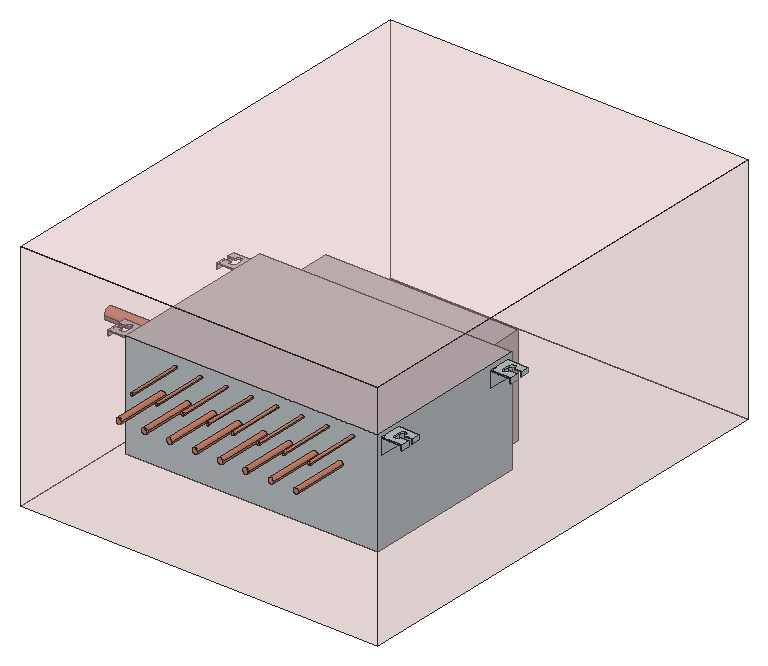
Revit family "CMB-M108V-J1(-TR)", category 機械設備, Revit 2016
Family settings
  ホスト = 天井
  パーツ タイプ = 標準
  丸型コネクタ寸法 = 半径を使用
  OmniClass 番号 = 23.75.00.00
  OmniClass タイトル = Climate Control (HVAC)
  常に垂直 = はい
  ロード時にボイドで切り取り = いいえ
  共有 = いいえ
  部屋の計算ポイント = いいえ
Parameters (values of type "CMB-M108V-J1(-TR)_240V_60Hz")
  説明 = "BC controller"
  製造元 = "Mitsubishi Electric Corporation"
  モデル = "CMB-M108V-J1(-TR)"
  Width = 596.00 mm
  WarrantyStart = ""
  Voltage = 240 V
  Unit Weight (kg) = 33
  URL = "http://www.mitsubishielectric.com/"
  TagNumber = 0
  Subcategory = "HVAC"
  Space View = yes
  Sound Pressure Level (Rated operation) (dB(A)) = "40"
  Sound Pressure Level (Defrost) (dB(A)) = 53
  Sound Power Level (Rated operation) (dB(A)) = "59"
  Sound Power Level (Defrost) (dB(A)) = 71
  SerialNumber = 0
  ReplacementYear = ""
  Phase = 1
  Number of branch = 8
  InstallationDate = ""
  Indoor unit capacity connectable to 1 branch = "Model P/M80 or smaller\r\n(Use optional joint pipe combining 2 branches when the total unit capacity exceeds P/M81.)"
  Hertz = 60 Hz
  Height = 250.00 mm
  Heating Power Input (kW) = 0.06
  Heating Current (A) = 0.25
  External Finish = "Galvanized steel plate\r\n(Lower part drain pan: Pre-coated galvanized sheets + powder coating)"
  Equip_description = ""
  Equip_No. = 0
  Equip_ID = ""
  Drain pipe_radius = 16.00 mm
  Description = ""
  Depth = 476.00 mm
  CreatedOn = ""
  CreatedBy = ""
  Cooling Power Input (kW) = 0.127
  Cooling Current (A) = 0.53
  Connection pipe of outdoor/heat source unit to P350 (Low pressure)_radius = 14.29 mm
  Connection pipe of outdoor/heat source unit to P350 (High pressure) radius = "9.525 or 11.1"
  Connection pipe of outdoor/heat source unit to P250/P300 (Low pressure)_radius = 11.10 mm
  Connection pipe of outdoor/heat source unit to P250/P300 (High pressure)_radius = 9.525 mm
  Connection pipe of outdoor/heat source unit to P200/M200 (Low pressure)_radius = 9.525 mm
  Connection pipe of outdoor/heat source unit to P200/M200 (High pressure)_radius = 7.94 mm
  Connection pipe of outdoor/heat source unit to M250/M300 (Low pressure)_radius = 11.10 mm
  Connection pipe of outdoor/heat source unit to M250/M300 (High pressure)_radius = 7.94 mm
  Connection pipe of indoor unit (Liquid Pipe)_radius (O.D.) = "Indoor unit Model 50 or smaller 3.175 Brazed\r\nbigger than 50 4.76 Brazed"
  Connection pipe of indoor unit (Gas Pipe)_radius (O.D.) = "Indoor unit Model 50 or smaller 6.35 Brazed\r\nbigger than 50 7.94 Brazed\r\n(9.525, 11.1 with optional joint pipe used.)"
  Connectable Outdoor/Heat source Unit Capacity = "P200 to P350/M200 to M300"
  Category = ""
  Barcode = ""
  AssetIdentifier = ""
Types (6, lengths in mm): name | Voltage | Hertz | Heating Power Input (kW) | Heating Current (A) | Cooling Power Input (kW) | Cooling Current (A)
  CMB-M108V-J1(-TR)_220V_50Hz | 220 V | 50 Hz | 0.06 | 0.28 | 0.127 | 0.58
  CMB-M108V-J1(-TR)_220V_60Hz | 220 V | 60 Hz | 0.048 | 0.22 | 0.102 | 0.47
  CMB-M108V-J1(-TR)_230V_50Hz | 230 V | 50 Hz | 0.068 | 0.3 | 0.144 | 0.63
  CMB-M108V-J1(-TR)_230V_60Hz | 230 V | 60 Hz | 0.054 | 0.24 | 0.115 | 0.5
  CMB-M108V-J1(-TR)_240V_50Hz | 240 V | 50 Hz | 0.076 | 0.32 | 0.161 | 0.68
  CMB-M108V-J1(-TR)_240V_60Hz | 240 V | 60 Hz | 0.06 | 0.25 | 0.127 | 0.53
Reference planes
  plane 1 "Center (Front/Back)": y = 0
  plane 2: z = 0
  plane 3 "Center (Left/Right)": x = 0
  plane 4 "Ceiling": z = 0
  plane 5: x = 18.001
  plane 6: x = -1461.999
  plane 7: y = 963.043
  plane 8: y = 1625.043
  plane 9: y = 1625.043
  plane 10: y = 1625.043
  plane 11: y = 225.043
  plane 12: y = -424.957
  plane 13: y = -271.474
  plane 14: y = 199
  plane 15: y = -199
  plane 16: x = -298
  plane 17: x = 298
  plane 18: z = 450.005
  plane 19: z = 200.005
Forms (mm)
  Extrusion 1, solid, material "Plated steel"
    sketch origin (-719.999, 26, 4152.985) x (-1, 0, 0) y (0, -1, 0)
      loop
        line (-1017.999, 225) -> (-1017.999, -173) -> (-421.999, -173) -> (-421.999, 225) -> (-1017.999, 225)
    from -3952.98 to -3702.98
  Extrusion 2, solid, material "Plated steel"
    sketch origin (609.8, 1.043, 4123.43) x (-1, 0, 0) y (0, 0, 1)
      loop
        line (813.903, -3678.196) -> (359.8, -3678.196) -> (359.8, -3913.425) -> (813.903, -3913.425) -> (813.903, -3678.196)
    from 197.957 to 275.957
  Extrusion 3, solid, material "Service space", visible <- "Space View"
    sketch origin (0.001, 0.043, 4120) x (1, 0, 0) y (0, 1, 0)
      loop
        line (297.999, -199.043) -> (297.999, 898.957) -> (-548.001, 898.957) -> (-548.001, -199.043) -> (297.999, -199.043)
    from -4120 to -3570
  Extrusion 4, solid, material "Copper"
    sketch origin (5463.716, -199, 4149.796) x (-1, 0, 0) y (0, 0, -1)
      loop
        circle (5643.716, 3724.791) r 3.175
    from 0 to 130
  Extrusion 5, solid, material "Copper"
    sketch origin (5523.716, -199, 4149.796) x (-1, 0, 0) y (0, 0, -1)
      loop
        circle (5643.716, 3724.791) r 3.175
    from 0 to 130
  Extrusion 6, solid, material "Copper"
    sketch origin (5583.716, -199, 4149.796) x (-1, 0, 0) y (0, 0, -1)
      loop
        circle (5643.716, 3724.791) r 3.175
    from 0 to 130
  Extrusion 7, solid, material "Copper"
    sketch origin (5643.716, -199, 4149.796) x (-1, 0, 0) y (0, 0, -1)
      loop
        circle (5643.716, 3724.791) r 3.175
    from 0 to 130
  Extrusion 8, solid, material "Copper"
    sketch origin (5703.716, -199, 4149.796) x (-1, 0, 0) y (0, 0, -1)
      loop
        circle (5643.716, 3724.791) r 3.175
    from 0 to 130
  Extrusion 9, solid, material "Copper"
    sketch origin (5763.716, -199, 4149.796) x (-1, 0, 0) y (0, 0, -1)
      loop
        circle (5643.716, 3724.791) r 3.175
    from 0 to 130
  Extrusion 10, solid, material "Copper"
    sketch origin (5823.716, -199, 4149.796) x (-1, 0, 0) y (0, 0, -1)
      loop
        circle (5643.716, 3724.791) r 3.175
    from 0 to 130
  Extrusion 11, solid, material "Copper"
    sketch origin (5883.716, -199, 4149.796) x (-1, 0, 0) y (0, 0, -1)
      loop
        circle (5643.716, 3724.791) r 3.175
    from 0 to 130
  Extrusion 12, solid, material "Copper"
    sketch origin (5463.716, -199, 4149.796) x (-1, 0, 0) y (0, 0, -1)
      loop
        circle (5673.716, 3792.791) r 6.35
    from 0 to 130
  Extrusion 13, solid, material "Copper"
    sketch origin (5523.716, -199, 4149.796) x (-1, 0, 0) y (0, 0, -1)
      loop
        circle (5673.716, 3792.791) r 6.35
    from 0 to 130
  Extrusion 14, solid, material "Copper"
    sketch origin (5583.716, -199, 4149.796) x (-1, 0, 0) y (0, 0, -1)
      loop
        circle (5673.716, 3792.791) r 6.35
    from 0 to 130
  Extrusion 15, solid, material "Copper"
    sketch origin (5643.716, -199, 4149.796) x (-1, 0, 0) y (0, 0, -1)
      loop
        circle (5673.716, 3792.791) r 6.35
    from 0 to 130
  Extrusion 16, solid, material "Copper"
    sketch origin (5703.716, -199, 4149.796) x (-1, 0, 0) y (0, 0, -1)
      loop
        circle (5673.716, 3792.791) r 6.35
    from 0 to 130
  Extrusion 17, solid, material "Copper"
    sketch origin (5763.716, -199, 4149.796) x (-1, 0, 0) y (0, 0, -1)
      loop
        circle (5673.716, 3792.791) r 6.35
    from 0 to 130
  Extrusion 18, solid, material "Copper"
    sketch origin (5823.716, -199, 4149.796) x (-1, 0, 0) y (0, 0, -1)
      loop
        circle (5673.716, 3792.791) r 6.35
    from 0 to 130
  Extrusion 19, solid, material "Copper"
    sketch origin (5883.716, -199, 4149.796) x (-1, 0, 0) y (0, 0, -1)
      loop
        circle (5673.716, 3792.791) r 6.35
    from 0 to 130
  Extrusion 20, solid, material "Copper"
    sketch origin (-298, 251, 4152.985) x (0, -1, 0) y (0, 0, 1)
      loop
        circle (349, -3740.98) r 14.29
    from 0 to 120
  Extrusion 21, solid, material "Copper"
    sketch origin (-298, 251, 4152.985) x (0, -1, 0) y (0, 0, 1)
      loop
        circle (183, -3823.98) r 9.525
    from 0 to 120
  Extrusion 22, solid
    sketch origin (-298, 251, 4152.985) x (0, -1, 0) y (0, 0, 1)
      loop
        circle (251, -3923.98) r 16
    from 0 to 20
Lines and regions (mm)
  model lines, visible <- "Space View"
    curve 1: line (-225, 899, 0) -> (225, 899, 0)
    curve 2: line (225, 899, 0) -> (225, 449, 0)
    curve 3: line (225, 449, 0) -> (-225, 449, 0)
    curve 4: line (-225, 449, 0) -> (-225, 899, 0)
    curve 5: line (225, 899, 0) -> (-225, 449, 0)
    curve 6: line (-225, 899, 0) -> (225, 449, 0)
Dimensions and locks
  equal spacing: host sketch curve, plane 3 "Center (Left/Right)", host sketch curve
  equal spacing: host sketch curve, plane 1 "Center (Front/Back)", host sketch curve
  host sketch curve to host sketch curve = 4000.00 mm  (x2)
  locked: plane 4 "Ceiling" to host ceiling at 0
  Extrusion 1 sketch curve to Extrusion 1 sketch curve = 596.00 mm  (x2)
  Extrusion 1 sketch curve to Extrusion 1 sketch curve = 398.00 mm
  Extrusion 1 to plane 3 "Center (Left/Right)" = 298.00 mm
  Extrusion 1 to Extrusion 1 = 596.00 mm
  Extrusion 1 to plane 1 "Center (Front/Back)" = 199.00 mm
  Extrusion 2 to Extrusion 2 = 78.00 mm
  Extrusion 1 to Extrusion 4 sketch curve = 118.00 mm
  Extrusion 1 to Extrusion 12 sketch curve = 88.00 mm
  Extrusion 20 sketch curve to Extrusion 1 = 101.00 mm
  Extrusion 1 to Extrusion 20 sketch curve = 38.00 mm
  Extrusion 21 sketch curve to Extrusion 1 = 267.00 mm
  Extrusion 1 to Extrusion 21 sketch curve = 121.00 mm
  Extrusion 22 sketch curve to Extrusion 1 = 199.00 mm
  Extrusion 1 to nested 1 = 35.00 mm
  nested 2 to nested 1 = 323.00 mm
  Extrusion 1 to Extrusion 3 = 99.995 mm
  Extrusion 3 to Extrusion 1 = 200.005 mm
  Extrusion 3 to Extrusion 1 = 250.00 mm
  Extrusion 3 sketch curve to Extrusion 1 = 250.00 mm
  Extrusion 3 to Extrusion 1 = 700.00 mm
  Extrusion 11 to Extrusion 3 = 130.00 mm
  Extrusion 3 to Extrusion 1 = 398.00 mm
  Extrusion 1 to Extrusion 3 = 596.00 mm
  nested 3 to nested 1 = 648.00 mm
  Extrusion 1 to Extrusion 1 = 250.00 mm
  Extrusion 1 to level = 200.005 mm
  Extrusion 3 to Extrusion 1 = 99.995 mm
  Extrusion 1 to Extrusion 22 = 221.00 mm
  Extrusion 1 to Extrusion 22 sketch curve = 221.00 mm
  plane 1 "Center (Front/Back)" to Extrusion 3 = 199.00 mm
  Extrusion 1 to Extrusion 21 = 121.00 mm
  Extrusion 22 to plane 16 = 20.00 mm
  Extrusion 1 to nested 3 = 11.00 mm
  Extrusion 20 to plane 16 = 120.00 mm
  diameter of Extrusion 4 sketch curve = 6.35 mm
  diameter of Extrusion 5 sketch curve = 6.35 mm
  diameter of Extrusion 6 sketch curve = 6.35 mm
  diameter of Extrusion 7 sketch curve = 6.35 mm
  diameter of Extrusion 8 sketch curve = 6.35 mm
  diameter of Extrusion 9 sketch curve = 6.35 mm
  diameter of Extrusion 10 sketch curve = 6.35 mm
  diameter of Extrusion 11 sketch curve = 6.35 mm
  diameter of Extrusion 12 sketch curve = 12.70 mm
  diameter of Extrusion 13 sketch curve = 12.70 mm
  diameter of Extrusion 14 sketch curve = 12.70 mm
  diameter of Extrusion 15 sketch curve = 12.70 mm
  diameter of Extrusion 16 sketch curve = 12.70 mm
  diameter of Extrusion 17 sketch curve = 12.70 mm
  diameter of Extrusion 18 sketch curve = 12.70 mm
  diameter of Extrusion 19 sketch curve = 12.70 mm
  diameter of Extrusion 20 sketch curve = 28.58 mm
  diameter of Extrusion 21 sketch curve = 19.05 mm
  diameter of Extrusion 22 sketch curve = 32.00 mm
  diameter of Extrusion 20 = 28.58 mm
  diameter of Extrusion 21 = 19.05 mm
  diameter of Extrusion 22 = 32.00 mm
  aligned and locked: Extrusion 2 to Extrusion 1
Nested families
  nested 1: "Leg" at (325, -164, 441.305) x (0, 1, 0) z (0, 0, 1), type "Leg"
  nested 2: "Leg" at (325, 159, 441.305) x (0, 1, 0) z (0, 0, 1), type "Leg"
  nested 3: "Leg" at (-325, -164, 441.305) x (0, 1, 0) z (0, 0, 1), type "Leg"
  nested 4: "Leg" at (-325, 159, 441.305) x (0, 1, 0) z (0, 0, 1), type "Leg"
Connectors
  piping at (-180, -329, 425.005), diameter 6.36
    settings: on Extrusion 4, index 1, connector inside diameter 609.6 mm, connector length 0.00 mm, flow factor 0, pipe flow 0.0 L/s, pressure drop 0.0 Pa, fitting loss kfactor 0, connector angle 0.00°, fixture units 0, engagement length 0.00 mm, angle of deflection 0.00°, flow configuration 0, flow direction 0, fitting loss method 0, system type 22, joint type 0, gender type 0, connector reference index -1, connector utility 0, adjustable connector no, is connector primary yes, connector description "indoor unit (Liquid)"
  piping at (-120, -329, 425.005), diameter 6.36
    settings: on Extrusion 5, index 2, connector inside diameter 609.6 mm, connector length 0.00 mm, flow factor 0, pipe flow 0.0 L/s, pressure drop 0.0 Pa, fitting loss kfactor 0, connector angle 0.00°, fixture units 0, engagement length 0.00 mm, angle of deflection 0.00°, flow configuration 0, flow direction 0, fitting loss method 0, system type 22, joint type 0, gender type 0, connector reference index -1, connector utility 0, adjustable connector no, is connector primary no, connector description "indoor unit (Liquid)"
  piping at (-60, -329, 425.005), diameter 6.36
    settings: on Extrusion 6, index 3, connector inside diameter 609.6 mm, connector length 0.00 mm, flow factor 0, pipe flow 0.0 L/s, pressure drop 0.0 Pa, fitting loss kfactor 0, connector angle 0.00°, fixture units 0, engagement length 0.00 mm, angle of deflection 0.00°, flow configuration 0, flow direction 0, fitting loss method 0, system type 22, joint type 0, gender type 0, connector reference index -1, connector utility 0, adjustable connector no, is connector primary no, connector description "indoor unit (Liquid)"
  piping at (0, -329, 425.005), diameter 6.36
    settings: on Extrusion 7, index 4, connector inside diameter 609.6 mm, connector length 0.00 mm, flow factor 0, pipe flow 0.0 L/s, pressure drop 0.0 Pa, fitting loss kfactor 0, connector angle 0.00°, fixture units 0, engagement length 0.00 mm, angle of deflection 0.00°, flow configuration 0, flow direction 0, fitting loss method 0, system type 22, joint type 0, gender type 0, connector reference index -1, connector utility 0, adjustable connector no, is connector primary no, connector description "indoor unit (Liquid)"
  piping at (60, -329, 425.005), diameter 6.36
    settings: on Extrusion 8, index 5, connector inside diameter 609.6 mm, connector length 0.00 mm, flow factor 0, pipe flow 0.0 L/s, pressure drop 0.0 Pa, fitting loss kfactor 0, connector angle 0.00°, fixture units 0, engagement length 0.00 mm, angle of deflection 0.00°, flow configuration 0, flow direction 0, fitting loss method 0, system type 22, joint type 0, gender type 0, connector reference index -1, connector utility 0, adjustable connector no, is connector primary no, connector description "indoor unit (Liquid)"
  piping at (120, -329, 425.005), diameter 6.36
    settings: on Extrusion 9, index 6, connector inside diameter 609.6 mm, connector length 0.00 mm, flow factor 0, pipe flow 0.0 L/s, pressure drop 0.0 Pa, fitting loss kfactor 0, connector angle 0.00°, fixture units 0, engagement length 0.00 mm, angle of deflection 0.00°, flow configuration 0, flow direction 0, fitting loss method 0, system type 22, joint type 0, gender type 0, connector reference index -1, connector utility 0, adjustable connector no, is connector primary no, connector description "indoor unit (Liquid)"
  piping at (180, -329, 425.005), diameter 6.36
    settings: on Extrusion 10, index 7, connector inside diameter 609.6 mm, connector length 0.00 mm, flow factor 0, pipe flow 0.0 L/s, pressure drop 0.0 Pa, fitting loss kfactor 0, connector angle 0.00°, fixture units 0, engagement length 0.00 mm, angle of deflection 0.00°, flow configuration 0, flow direction 0, fitting loss method 0, system type 22, joint type 0, gender type 0, connector reference index -1, connector utility 0, adjustable connector no, is connector primary no, connector description "indoor unit (Liquid)"
  piping at (240, -329, 425.005), diameter 6.36
    settings: on Extrusion 11, index 8, connector inside diameter 609.6 mm, connector length 0.00 mm, flow factor 0, pipe flow 0.0 L/s, pressure drop 0.0 Pa, fitting loss kfactor 0, connector angle 0.00°, fixture units 0, engagement length 0.00 mm, angle of deflection 0.00°, flow configuration 0, flow direction 0, fitting loss method 0, system type 22, joint type 0, gender type 0, connector reference index -1, connector utility 0, adjustable connector no, is connector primary no, connector description "indoor unit (Liquid)"
  piping at (-210, -329, 357.005), diameter 12.7
    settings: on Extrusion 12, index 9, connector inside diameter 609.6 mm, connector length 0.00 mm, flow factor 0, pipe flow 0.0 L/s, pressure drop 0.0 Pa, fitting loss kfactor 0, connector angle 0.00°, fixture units 0, engagement length 0.00 mm, angle of deflection 0.00°, flow configuration 0, flow direction 0, fitting loss method 0, system type 22, joint type 0, gender type 0, connector reference index -1, connector utility 0, adjustable connector no, is connector primary no, connector description "indoor unit (Gas)"
  piping at (-150, -329, 357.005), diameter 12.7
    settings: on Extrusion 13, index 10, connector inside diameter 609.6 mm, connector length 0.00 mm, flow factor 0, pipe flow 0.0 L/s, pressure drop 0.0 Pa, fitting loss kfactor 0, connector angle 0.00°, fixture units 0, engagement length 0.00 mm, angle of deflection 0.00°, flow configuration 0, flow direction 0, fitting loss method 0, system type 22, joint type 0, gender type 0, connector reference index -1, connector utility 0, adjustable connector no, is connector primary no, connector description "indoor unit (Gas)"
  piping at (-90, -329, 357.005), diameter 12.7
    settings: on Extrusion 14, index 11, connector inside diameter 609.6 mm, connector length 0.00 mm, flow factor 0, pipe flow 0.0 L/s, pressure drop 0.0 Pa, fitting loss kfactor 0, connector angle 0.00°, fixture units 0, engagement length 0.00 mm, angle of deflection 0.00°, flow configuration 0, flow direction 0, fitting loss method 0, system type 22, joint type 0, gender type 0, connector reference index -1, connector utility 0, adjustable connector no, is connector primary no, connector description "indoor unit (Gas)"
  piping at (-30, -329, 357.005), diameter 12.7
    settings: on Extrusion 15, index 12, connector inside diameter 609.6 mm, connector length 0.00 mm, flow factor 0, pipe flow 0.0 L/s, pressure drop 0.0 Pa, fitting loss kfactor 0, connector angle 0.00°, fixture units 0, engagement length 0.00 mm, angle of deflection 0.00°, flow configuration 0, flow direction 0, fitting loss method 0, system type 22, joint type 0, gender type 0, connector reference index -1, connector utility 0, adjustable connector no, is connector primary no, connector description "indoor unit (Gas)"
  piping at (30, -329, 357.005), diameter 12.7
    settings: on Extrusion 16, index 13, connector inside diameter 609.6 mm, connector length 0.00 mm, flow factor 0, pipe flow 0.0 L/s, pressure drop 0.0 Pa, fitting loss kfactor 0, connector angle 0.00°, fixture units 0, engagement length 0.00 mm, angle of deflection 0.00°, flow configuration 0, flow direction 0, fitting loss method 0, system type 22, joint type 0, gender type 0, connector reference index -1, connector utility 0, adjustable connector no, is connector primary no, connector description "indoor unit (Gas)"
  piping at (90, -329, 357.005), diameter 12.7
    settings: on Extrusion 17, index 14, connector inside diameter 609.6 mm, connector length 0.00 mm, flow factor 0, pipe flow 0.0 L/s, pressure drop 0.0 Pa, fitting loss kfactor 0, connector angle 0.00°, fixture units 0, engagement length 0.00 mm, angle of deflection 0.00°, flow configuration 0, flow direction 0, fitting loss method 0, system type 22, joint type 0, gender type 0, connector reference index -1, connector utility 0, adjustable connector no, is connector primary no, connector description "indoor unit (Gas)"
  piping at (150, -329, 357.005), diameter 12.7
    settings: on Extrusion 18, index 15, connector inside diameter 609.6 mm, connector length 0.00 mm, flow factor 0, pipe flow 0.0 L/s, pressure drop 0.0 Pa, fitting loss kfactor 0, connector angle 0.00°, fixture units 0, engagement length 0.00 mm, angle of deflection 0.00°, flow configuration 0, flow direction 0, fitting loss method 0, system type 22, joint type 0, gender type 0, connector reference index -1, connector utility 0, adjustable connector no, is connector primary no, connector description "indoor unit (Gas)"
  piping at (210, -329, 357.005), diameter 12.7
    settings: on Extrusion 19, index 16, connector inside diameter 609.6 mm, connector length 0.00 mm, flow factor 0, pipe flow 0.0 L/s, pressure drop 0.0 Pa, fitting loss kfactor 0, connector angle 0.00°, fixture units 0, engagement length 0.00 mm, angle of deflection 0.00°, flow configuration 0, flow direction 0, fitting loss method 0, system type 22, joint type 0, gender type 0, connector reference index -1, connector utility 0, adjustable connector no, is connector primary no, connector description "indoor unit (Gas)"
  piping at (-418, -98, 412.005), diameter 28.58
    settings: on Extrusion 20, index 17, connector inside diameter 609.6 mm, connector length 0.00 mm, flow factor 0, pipe flow 0.0 L/s, pressure drop 0.0 Pa, fitting loss kfactor 0, connector angle 0.00°, fixture units 0, engagement length 0.00 mm, angle of deflection 0.00°, flow configuration 0, flow direction 0, fitting loss method 0, system type 22, joint type 0, gender type 0, connector reference index -1, connector utility 0, adjustable connector no, is connector primary no, connector description "outdoor unit(Low pressure)"
  piping at (-418, 68, 329.005), diameter 19.06
    settings: on Extrusion 21, index 19, connector inside diameter 609.6 mm, connector length 0.00 mm, flow factor 0, pipe flow 0.0 L/s, pressure drop 0.0 Pa, fitting loss kfactor 0, connector angle 0.00°, fixture units 0, engagement length 0.00 mm, angle of deflection 0.00°, flow configuration 0, flow direction 0, fitting loss method 0, system type 22, joint type 0, gender type 0, connector reference index -1, connector utility 0, adjustable connector no, is connector primary no, connector description "outdoor unit(High pressure)"
  piping at (-318, 0, 229.005), diameter 32
    settings: on Extrusion 22, index 20, connector inside diameter 609.6 mm, connector length 0.00 mm, flow factor 0, pipe flow 0.0 L/s, pressure drop 0.0 Pa, fitting loss kfactor 0, connector angle 0.00°, fixture units 0, engagement length 0.00 mm, angle of deflection 0.00°, flow configuration 0, flow direction 2, fitting loss method 0, system type 22, joint type 0, gender type 0, connector reference index -1, connector utility 0, adjustable connector no, is connector primary no, connector description "Drain"
  electrical at (250, 238, 327.62), driven by "Phase", driven by "Voltage"
    settings: on Extrusion 2, index 21, voltage 240 V, apparent load 0 VA, apparent load phase1 0 VA, apparent load phase2 0 VA, apparent load phase3 0 VA, power factor 1, load classification "その他", number of poles 1, system type 30, power factor state 1, is connector primary yes, connector utility no, sub classification motor no, connector description ""
Definition of nested family "Leg"
  Parameters (values of type "Leg")
    Assembly Code = ""
    W = 50.00 mm
    H = 43.00 mm
    D = 60.00 mm
  Reference planes
    plane 1: z = 0
    plane 2 "中心(左/右)": x = 0
    plane 3: x = -6
    plane 4: x = 6
    plane 5: x = 25
    plane 6: x = -25
    plane 7: y = -23
    plane 8: y = 27
    plane 9: y = 8
    plane 10: y = -6
    plane 11: y = 37
    plane 12: y = -20.7
    plane 13: y = 24.7
    plane 14: z = -12
    plane 15: z = -40.7
    plane 16: z = -2.3
    plane 17: x = -15
    plane 18: x = 15
    plane 19: x = 8
    plane 20: x = -8
    plane 21: z = -20
    plane 22: z = -38
    plane 23: x = 10
    plane 24: x = -10
    plane 25: y = 1
  Forms (mm)
    Extrusion 1, solid
      sketch origin (0, 0, 0) x (1, 0, 0) y (0, 1, 0)
        loop
          line (-25, -23) -> (25, -23) -> (25, 37) -> (-25, 37) -> (-25, -23)
      from 0 to -43
    Extrusion 2, void
      sketch origin (-25, -7, 0) x (0, 1, 0) y (0, 0, 1)
        loop
          line (44, 0) -> (34, 0) -> (34, -43) -> (44, -43) -> (44, 0)
        loop
          line (31.7, -2.3) -> (-13.7, -2.3) -> (-13.7, -12) -> (-16, -12) -> (-16, -43) -> (31.7, -43) -> (31.7, -2.3)
      from 0 to 50
    Extrusion 3, void
      sketch origin (-25, -23, 0) x (-1, 0, 0) y (0, 0, 1)
        loop
          line (-19, 0) -> (-31, 0) -> (-31, -12) -> (-19, -12) -> (-19, 0)
      from 0 to 2.3
    Extrusion 4, void
      sketch origin (0, 0, 0) x (1, 0, 0) y (0, 1, 0)
        loop
          arc (-8, 8) -> (-15, 1) -> (-8, -6) r 7
          line (-8, -6) -> (-6, -6) -> (-6, -20.7) -> (6, -20.7) -> (6, -6) -> (8, -6)
          arc (8, -6) -> (15, 1) -> (8, 8) r 7
          line (8, 8) -> (-8, 8)
      from 0 to -2.3
    Extrusion 5, void
      sketch origin (0, 0, 0) x (1, 0, 0) y (0, 0, 1)
        loop
          circle (0, -20) r 3.5
      from -27 to -24.7
    Extrusion 6, void
      sketch origin (25, 37, 0) x (1, 0, 0) y (0, 0, 1)
        loop
          line (0, -38) -> (-50, -38) -> (-50, -43) -> (0, -43) -> (0, -38)
      from 0 to 12.3
  Cuts and joins
    Extrusion 2, Extrusion 3, Extrusion 4, Extrusion 5, Extrusion 6 cuts Extrusion 1
  Dimensions and locks
    equal spacing: plane 6, plane 2 "中心(左/右)", plane 5
    "W": plane 6 to plane 5
    "D": plane 7 to plane 11
    aligned and locked: level to plane 1
    aligned and locked: Extrusion 5 to Extrusion 2
  Automatic sketch dimensions
    Extrusion 1 sketch curve to plane 6 = 0.00 mm
    Extrusion 1 sketch curve to plane 5 = 0.00 mm
    plane 7 to Extrusion 1 sketch curve = 0.00 mm
    plane 11 to Extrusion 1 sketch curve = 0.00 mm
    Extrusion 3 sketch curve to Extrusion 1 = 0.00 mm
    Extrusion 1 to Extrusion 3 sketch curve = 19.00 mm
    Extrusion 3 sketch curve to Extrusion 3 sketch curve = 12.00 mm
    Extrusion 1 to Extrusion 3 sketch curve = 12.00 mm
    plane 9 to Extrusion 4 sketch curve = 0.00 mm
    Extrusion 4 sketch curve to plane 20 = 0.00 mm
    Extrusion 4 sketch curve to plane 3 = 0.00 mm
    Extrusion 4 sketch curve to plane 4 = 0.00 mm
    plane 10 to Extrusion 4 sketch curve = 0.00 mm  (x2)
    Extrusion 4 sketch curve to plane 19 = 0.00 mm
    Extrusion 4 sketch curve to plane 12 = 0.00 mm
    Extrusion 5 sketch curve to plane 2 "中心(左/右)" = 0.00 mm
    Extrusion 5 sketch curve to plane 21 = 0.00 mm
    Extrusion 6 sketch curve to Extrusion 1 = 0.00 mm  (x2)
    Extrusion 1 to Extrusion 6 sketch curve = 50.00 mm
    Extrusion 1 to Extrusion 6 sketch curve = 5.00 mm
    Extrusion 2 sketch curve to Extrusion 1 = 0.00 mm  (x3)
    Extrusion 1 to Extrusion 2 sketch curve = 0.00 mm  (x2)
    Extrusion 1 to Extrusion 2 sketch curve = 2.30 mm
    Extrusion 2 sketch curve to Extrusion 1 = 12.30 mm
    Extrusion 2 sketch curve to Extrusion 2 sketch curve = 2.30 mm
    Extrusion 2 sketch curve to Extrusion 1 = 12.00 mm
    Extrusion 2 sketch curve to Extrusion 1 = 2.30 mm
    radius of Extrusion 5 sketch curve = 3.50 mm
